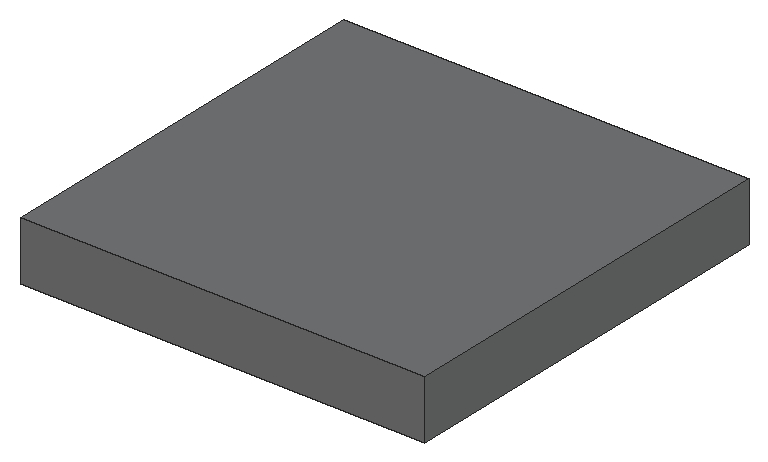
Revit family "Gira_087626", category Electrical Fixtures, host Face, Revit 2017
Family settings
  Host = Face
  Maintain Annotation Orientation = No
  Round Connector Dimension = Use Diameter
  Part Type = Normal
  Cut with Voids When Loaded = No
  Shared = No
  Room Calculation Point = No
Parameters (values of type "Abd. BSF TAE USB System 55 F Alu")
  Zusammenstellung = "Zentralplatte"
  Werkstoffgüte = "sonstige"
  Werkstoff = "Kunststoff"
  Verwendung = "TAE"
  URL = "http://katalog.gira.de/de_DE/datenblatt.html?artikelnr=087626"
  Transparent = "No"
  Tragring = "No"
  Region = "DE"
  Oberfläche = "sonstige"
  Name = "Abd. BSF TAE USB System 55 F Alu"
  Montageart = "unter Putz"
  Mit Zugentlastung = "No"
  Mit Staubschutz = "No"
  Mit Klappdeckel = "No"
  Mit Aufdruck = "No"
  Manufacturer URL = "https://www.gira.de/"
  Lüsterklemme = "No"
  Keynote = "Sys55_Abdeckung_Schalten und Tasten"
  HeinzeBIM = "https://bimportal.heinze.de/bim/abd-bsf-tae-usb-system-55-f-alu/6147ddd8c4e9eee06b49a15e3950169a36f4b97a"
  Halogenfrei = "Yes"
  HAN = "087626"
  Geeignet für Schutzart (IP) = "IP20"
  GTIN = "4010337876267"
  Farbe = "aluminium"
  Default Elevation = 1219.2 mm
  Data sheet (1) = "https://katalog.gira.de/de_DE/download.html?artikelnr=087626"
  Category = "Einsatz/Abdeckung für Kommunikationstechnik"
  Beschriftungsfeld = "mit Beschriftungsfeld"
  Befestigungsart = "Befestigung mit Schraube"
  Available = "Yes"
  Ausführung der Oberfläche = "nicht zutreffend"
  Anthrazit [instance] = Anthrazit
Reference planes
  plane 1 "Center (Front/Back)": y = 0
  plane 2: z = 0
  plane 3 "Center (Left/Right)": x = 0
Forms (mm)
  Extrusion 1, solid, material "Anthrazit" <- "Anthrazit", detail levels fine
    sketch origin (0, 0, 0) x (1, 0, 0) y (0, 1, 0)
      loop
        line (-27.5, 27.5) -> (-27.5, -27.5) -> (27.5, -27.5) -> (27.5, 27.5) -> (-27.5, 27.5)
    from 0 to 8
  Extrusion 2, void
    sketch origin (0, 0, 0) x (1, 0, 0) y (0, 1, 0)
      loop
        line (26, 26) -> (-26, 26) -> (-26, -26) -> (26, -26) -> (26, 26)
    from 0 to 6
  Extrusion 3, solid, material "Anthrazit" <- "Anthrazit", detail levels medium
    sketch origin (0, 0, 0) x (1, 0, 0) y (0, 1, 0)
      loop
        line (-27.5, 27.5) -> (-27.5, -27.5) -> (27.5, -27.5) -> (27.5, 27.5) -> (-27.5, 27.5)
    from 0 to 8
  Extrusion 4, solid, material "Anthrazit" <- "Anthrazit", detail levels medium
    sketch origin (0, 0, 0) x (1, 0, 0) y (0, 1, 0)
      loop
        line (11, -17.5) -> (11, 17.5) -> (-11, 17.5) -> (-11, -17.5) -> (11, -17.5)
    from -6 to 6
  Extrusion 5, solid, material "Anthrazit" <- "Anthrazit", detail levels fine
    sketch origin (0, 0, 0) x (1, 0, 0) y (0, 1, 0)
      loop
        line (11, 17.5) -> (-11, 17.5) -> (-11, 16.5) -> (11, 16.5) -> (11, 17.5)
      loop
        line (-11, -16.5) -> (-11, -17.5) -> (11, -17.5) -> (11, -16.5) -> (-11, -16.5)
    from -4 to 6
  Extrusion 6, solid, material "Anthrazit" <- "Anthrazit", detail levels fine
    sketch origin (0, 0, 0) x (1, 0, 0) y (0, 1, 0)
      loop
        arc (5, 9.347) -> (0, 10.6) -> (-5, 9.347) r 10.6
        line (-5, 9.347) -> (-5, -9.347)
        arc (-5, -9.347) -> (0, -10.6) -> (5, -9.347) r 10.6
        line (5, -9.347) -> (5, 9.347)
    from -6 to 6
  Extrusion 7, solid, material "Anthrazit" <- "Anthrazit", detail levels coarse
    sketch origin (0, 0, 0) x (1, 0, 0) y (0, 1, 0)
      loop
        line (-27.5, 27.5) -> (-27.5, -27.5) -> (27.5, -27.5) -> (27.5, 27.5) -> (-27.5, 27.5)
    from -6 to 8
Cuts and joins
  Extrusion 2 cuts Extrusion 1
Dimensions and locks
  aligned and locked: plane 2 to host face
  aligned and locked: level to host face
